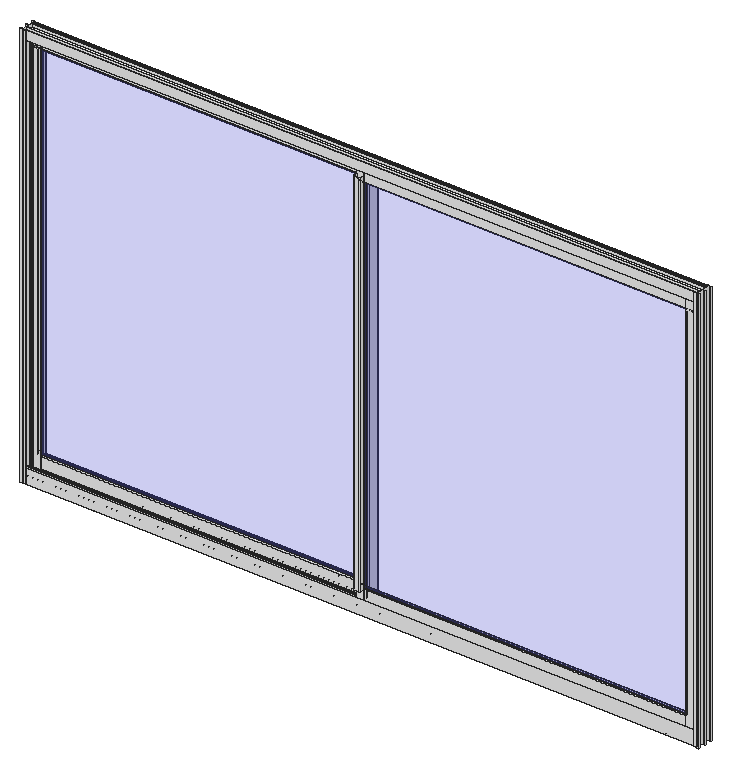
Revit family "Elite_XX_Standard", category Windows, host Wall, Revit 2014
Parameters (values of type "Elite-3018XX-1000Pa")
  Windload Design = if(Custom Windload < 1001 mm, 1000 mm, if(Custom Windload < 1501 mm, 1500 mm, 2000 mm))  # 1000 mm
  Width Sash Right [instance] = 1497.9 mm
  Width Sash Left [instance] = 1497.9 mm
  Wall Thickness [instance] = 200 mm
  Standard Interlocker = not(Inside Heavy Duty Interlocker)  # no
  Sash Width Right = (Width - (2 mm * 12) - Sash Width Left) + 29.8 mm  # 1497.9 mm
  Sash Width Left = if(Equal Sash Width, ((Width - (2 mm * 12)) / 2) + 14.9 mm, if(Custom Sash Width Left < Limit Sash Width Left Min, Limit Sash Width Left Min, if(Custom Sash Width Left > Limit Sash Width Left Max, Limit Sash Width Left Max, Custom Sash Width Left)))  # 1497.9 mm
  Sash Side Spacing = 0.5 mm  # constant formula
  Sash Height = Height - 29 mm - 54 mm  # 1707 mm
  Sash Frame Seal = 2.6 mm  # constant formula
  Rough Width = 2.5 mm
  Overall Width [instance] = 2990 mm
  Overall Height [instance] = 1790 mm
  Outside Heavy Duty Interlocker = if(Interlocker Configuration = 2 mm, 1 = 1, 1 = 0)  # yes
  Model = "Elite Sliding Window"
  Max Pane Area = if(Area Right Sash Glazing > Area Left Sash Glazing, Area Right Sash Glazing, Area Left Sash Glazing)  # 2.31898 m²
  Manufacturer = "Crealco"
  Limit Window Width Min = (2 * Limit Sash Width Min) + (2 mm * 12) - 29.8 mm  # 594.2 mm
  Limit Window Width Max = if(Windload Design = 1000 mm, (2 * Limit Sash Width Max) + (2 mm * 12) - 29.8 mm, if(Windload Design = 1500 mm, if(Custom Window Height > 1490 mm, 1490 mm, (2 * Limit Sash Width Max) + (2 mm * 12) - 29.8 mm), if(Custom Window Height > 1490 mm, 890 mm, (2 * Limit Sash Width Max) + (2 mm * 12) - 29.8 mm)))  # 2994.2 mm
  Limit Window Height Min = Limit Sash Height Min + (29 mm + 54 mm)  # 383 mm
  Limit Window Height Max = if(Windload Design = 1000 mm, Limit Sash Height Max + (29 mm + 54 mm), if(Windload Design = 1500 mm, if(and(Custom Window Width > 1490 mm, Custom Window Height > 1490 mm), 1490 mm, Limit Sash Height Max + (29 mm + 54 mm)), if(and(Custom Window Width > 890 mm, Custom Window Height > 1490 mm), 1490 mm, Limit Sash Height Max + (29 mm + 54 mm))))  # 1883 mm
  Limit Sash Width Min = 300 mm  # constant formula
  Limit Sash Width Max = 1500 mm  # constant formula
  Limit Sash Width Left Min = if(Width - (2 mm * 12) - Limit Sash Width Max + 29.8 mm < Limit Sash Width Min, Limit Sash Width Min, Width - (2 mm * 12) - Limit Sash Width Max + 29.8 mm)  # 1495.8 mm
  Limit Sash Width Left Max = if(Width - (2 mm * 12) - Limit Sash Width Min + 29.8 mm > Limit Sash Width Max, Limit Sash Width Max, Width - (2 mm * 12) - Limit Sash Width Min + 29.8 mm)  # 1500 mm
  Limit Sash Height Min = 300 mm  # constant formula
  Limit Sash Height Max = 1800 mm  # constant formula
  Interlocker Configuration = if(Windload Design = 1000 mm, if(or(not(Height > 890 mm), or(and(not(Height > 1190 mm), not(Width > 2690 mm)), and(not(Height > 1490 mm), not(Width > 890 mm)))), 0 mm, if(and(Height > 1490 mm, Width > 1190 mm), 2 mm, 1 mm)), if(Windload Design = 1500 mm, if(or(and(not(Width > 1190 mm), not(Height > 1190 mm)), not(Height > 890 mm)), 0 mm, if(or(and(Width > 1790 mm, Height > 1190 mm), and(Width > 890 mm, Height > 1490 mm)), 2 mm, 1 mm)), if(or(not(Height > 890 mm), and(not(Width > 890 mm), not(Height > 1190 mm))), 0 mm, if(or(Height > 1490 mm, and(Width > 1190 mm, Height > 1190 mm)), 2 mm, 1 mm))))  # 2 mm
  Height Sash [instance] = 1707 mm
  Height = if(Custom Window Height < Limit Window Height Min, Limit Window Height Min, if(Custom Window Height > Limit Window Height Max, Limit Window Height Max, Custom Window Height))  # 1790 mm
  Inside Heavy Duty Interlocker = if(or(Interlocker Configuration = 1 mm, Interlocker Configuration = 2 mm), 1 = 1, 1 = 0)  # yes
  Glazing Thickness = if(not(Max Pane Area > 0.75 m²), 4 mm, if(not(Max Pane Area > 1.50 m²), 4 mm, if(not(Max Pane Area > 2.10 m²), 5 mm, if(not(Max Pane Area > 2.90 m²), 6.4 mm, if(not(Max Pane Area > 4.30 m²), 8 mm, 10 mm)))))  # 6.4 mm
  Glass Type = Glass
  Frame Thickness = 70.3 mm  # constant formula
  Frame Offset From Exterior [instance] = if(Centered In Wall, (Wall Thickness - Frame Thickness) / 2, Custom Frame Offset From Exterior)  # 64.85 mm
  Equal Sash Width = yes
  Description = "Elite Sliding Window"
  Default Sill Height = 800 mm
  Wall Closure = By host
  Width = if(Custom Window Width < Limit Window Width Min, Limit Window Width Min, if(Custom Window Width > Limit Window Width Max, Limit Window Width Max, Custom Window Width))  # 2990 mm
  Custom Window Width = 2990 mm
  Custom Window Height = 1790 mm
  Custom Windload = 1000 mm
  Custom Sash Width Left = 600 mm
  Custom Frame Offset From Exterior = 0 mm
  Centered In Wall = yes
  Area Right Sash Glazing = (Sash Width Right - 21 mm - 41 mm) * (Sash Height - (46 mm * 2))  # 2.31898 m²
  Area Left Sash Glazing = (Sash Width Left - 21 mm - 41 mm) * (Sash Height - (46 mm * 2))  # 2.31898 m²
  Aluminium Finish [instance] = White Powder Coated Aluminium ANP 1052
Reference planes
  plane 1 "Center (Front/Back)": y = 0
  plane 2 "Center (Left/Right)": x = 0
  plane 3 "Left": x = -1495
  plane 4 "Right": x = 1495
  plane 5 "Sill": z = 800
  plane 6 "Head": z = 2590
  plane 7 "Exterior": y = 100
  plane 8 "Interior": y = -100
Lines and regions (mm)
  Opening 1
    outline origin (3500, -100, 0) x (1, 0, 0) y (0, 0, 1)
      loop
        line (-2005, 800) -> (-2005, 2590) -> (-4995, 2590) -> (-4995, 800) -> (-2005, 800)
Text (mm)
  text "EXTERIOR" at (-1963.203, 1332.353, 0), in view "Ref. Level"
  text "INTERIOR" at (-1981.466, -818.386, 0), in view "Ref. Level"
  text "Exterior" at (0, 923.751, 2943.296), in view "Right"
  text "Exterior" at (0, 1040.484, 2685.409), in view "Left"
Dimensions and locks
  equal spacing: plane 3 "Left", plane 2 "Center (Left/Right)", plane 4 "Right"
  "Width": plane 3 "Left" to plane 4 "Right"
  "Height": plane 5 "Sill" to plane 6 "Head"
  "Default Sill Height": plane 5 "Sill" to level
  locked: plane 7 "Exterior" to host wall at 0
  locked: plane 8 "Interior" to host wall
  "Overall Height": plane 6 "Head" to plane 5 "Sill"
  "Overall Width": plane 3 "Left" to plane 4 "Right"
  locked: host wall to nested 1 at 35.15
  "Sash Frame Seal": nested 1 to nested 2
  "Sash Frame Seal": nested 1 to nested 3
  "Sash Side Spacing": nested 1 to nested 3
  "Sash Side Spacing": nested 2 to nested 1
  "Width Sash Left": nested 2 to nested 2
  "Height Sash": nested 2 to nested 2
  "Width Sash Right": nested 3 to nested 3
  aligned and locked: nested 1 to plane 6 "Head"
  aligned and locked: nested 1 to plane 3 "Left"
  aligned and locked: nested 3 to nested 1
  aligned and locked: nested 2 to nested 1
Automatic sketch dimensions
  plane 3 "Left" to Opening 1 sketch curve = 0 mm
  plane 4 "Right" to Opening 1 sketch curve = 0 mm
  Opening 1 sketch curve to plane 5 "Sill" = 0 mm
  Opening 1 sketch curve to plane 6 "Head" = 0 mm
Nested families
  nested 1: "Elite_Frame_OX_XX" at (1495, -35.15, 800), Profile Material <- "Aluminium Finish", Width <- "Width", Height <- "Height", type "Elite_Frame_OX_XX"
    with Width 2990 mm, Profile Material White Powder Coated Aluminium ANP 1052, Length Jamb 1790 mm, Length Head & Sill 2967 mm, Height 1790 mm
  nested 2: "Elit_Sash_Inner" at (1483, -30.5, 854), Profile Material <- "Aluminium Finish", Glazing Material <- "Glass Type", Sash Width <- "Sash Width Left", Sash Height <- "Sash Height", Glazing Thickness <- "Glazing Thickness", Is Heavy Duty Interlocker <- "Inside Heavy Duty Interlocker", type "Elit_Sash_Inner"
    with Sash Width 1497.9 mm, Sash Height 1707 mm, Right Sliding yes, Profile Material White Powder Coated Aluminium ANP 1052, Length Sash Head & Sill 1481.9 mm, Length Arrow Tip 141.141 mm, Length Arrow 465.767 mm, Left Sliding no, Is Standard Interlocker no, Is Sliding yes, Is Heavy Duty Interlocker yes, Glazing Width 1435.9 mm, Glazing Thickness 6.4 mm, Glazing Start -3.2 mm, Glazing Material Glass, Glazing Height 1615 mm, Glazing Frame Side Gap 1.8 mm, Glazing End 3.2 mm, Arrow Tip Length 141.141 mm, Arrow Left Gap 485.067 mm, Arrow Bottom Gap 807.5 mm
  nested 3: "Elite_Sash_Outer" at (-1483, 30.2, 854) x (-1, 0, 0) z (0, 0, 1), Profile Material <- "Aluminium Finish", Glazing Material <- "Glass Type", Glazing Thickness <- "Glazing Thickness", Sash Width <- "Sash Width Right", Sash Height <- "Sash Height", Is Heavy Duty Interlocker <- "Outside Heavy Duty Interlocker", type "Elite_Sash_Outer"
    with Sash Width 1497.9 mm, Sash Height 1707 mm, Right Sliding yes, Profile Material White Powder Coated Aluminium ANP 1052, Length Sash Head & Sill 1481.9 mm, Length Arrow Tip 141.141 mm, Length Arrow 465.767 mm, Left Sliding no, Is Standard Interlocker no, Is Sliding yes, Is Heavy Duty Interlocker yes, Glazing Width 1435.9 mm, Glazing Thickness 6.4 mm, Glazing Start -3.2 mm, Glazing Material Glass, Glazing Height 1615 mm, Glazing Frame Side Gap 1.8 mm, Glazing End 3.2 mm, Arrow Tip Length 141.141 mm, Arrow Left Gap 485.067 mm, Arrow Bottom Gap 807.5 mm
Definition of nested family "Elite_Frame_OX_XX"
  Parameters (values of type "Elite_Frame_OX_XX")
    Width [instance] = 900 mm
    Profile Material [instance] = none
    Length Jamb [instance] = Height  # 900 mm
    Length Head & Sill [instance] = Width - 2 * 11.5 mm  # 877 mm
    Height [instance] = 900 mm
  Reference planes
    plane 1 "Center (Front/Back)": y = 0
    plane 2: z = 0
    plane 3 "Center (Left/Right)": x = 0
  Dimensions and locks
    aligned and locked: level to plane 2
    aligned and locked: nested 2 to plane 2
    aligned and locked: plane 3 "Center (Left/Right)" to nested 2
    aligned and locked: plane 1 "Center (Front/Back)" to nested 2
    aligned and locked: nested 1 to nested 2  (x2)
    aligned and locked: nested 2 to nested 3
    aligned and locked: nested 2 to nested 1
    aligned and locked: nested 4 to plane 1 "Center (Front/Back)"
    aligned and locked: nested 4 to nested 1
    aligned and locked: plane 2 to nested 4
    aligned and locked: nested 3 to nested 2
    aligned and locked: nested 3 to nested 4
  Nested families
    nested 1: "Elite_Frame_Sill" at (-11.5, 68.5, 0) x (-1, 0, 0) z (0, 0, 1), Profile Material <- "Profile Material", Length Frame Sill <- "Length Head & Sill", type "Elite_Frame_Sill"
      with Profile Material none, Length Frame Sill 877 mm
    nested 2: "Elite_Frame_Jamb_Mirror" at (-24.5, 70.3, 0) x (0, -1, 0) z (0, 0, 1), Profile Material <- "Profile Material", Length Frame Jamb <- "Length Jamb", type "Elite_Frame_Jamb_Mirror"
      with Profile Material none, Length Frame Jamb 900 mm
    nested 3: "Elite_Frame_Head" at (-888.5, 1.5, 759.46), Profile Material <- "Profile Material", Length Frame Head <- "Length Head & Sill", type "Elite_Frame_Head"
      with Profile Material none, Length Frame Head 877 mm
    nested 4: "Elite_Frame_Jamb" at (-875.5, 70.3, 0) x (0, -1, 0) z (0, 0, 1), Profile Material <- "Profile Material", Length Frame Jamb <- "Length Jamb", type "Elite_Frame_Jamb"
      with Profile Material none, Length Frame Jamb 900 mm
  Definition of nested family "Elite_Frame_Sill"
    Parameters (values of type "Elite_Frame_Sill")
      Profile Material [instance] = none
      Length Frame Sill [instance] = 250 mm
    Reference planes
      plane 1 "Center (Front/Back)": y = 0
      plane 2: z = 0
      plane 3 "Center (Left/Right)": x = 0
    Forms (mm)
      Extrusion 1, solid, material <- "Profile Material"
        sketch origin (0, 0, 0) x (0, 1, 0) y (0, 0, 1)
          loop
            line (20.5, 61.807) -> (15.922, 62.99) -> (11.5, 61.805) -> (11.5, 54) -> (12.9, 54) -> (12.9, 60.734) -> (16.078, 61.54) -> (19.1, 60.731) -> (19.1, 37) -> (12.88, 36.997) -> (0, 35.262) -> (0, 11.5) -> (1.4, 11.5) -> (1.4, 15) -> (12, 15) -> (12, 0) -> (17, 0) -> (17, 1) -> (13.4, 1) -> (13.4, 5) -> (17, 5) -> (17, 6) -> (13.4, 6) -> (13.4, 18.532) -> (65.6, 20.009) -> (65.6, 6) -> (62, 6) -> (62, 5) -> (65.6, 5) -> (65.6, 1) -> (62, 1) -> (62, 0) -> (67, 0) -> (67, 63) -> (65.6, 63) -> (65.6, 37) -> (55.5, 37) -> (55.5, 61.807) -> (50.922, 62.99) -> (46.5, 61.805) -> (46.5, 54) -> (47.9, 54) -> (47.9, 60.734) -> (51.078, 61.54) -> (54.1, 60.731) -> (54.1, 37) -> (20.5, 37) -> (20.5, 61.807)
          loop
            line (65.6, 35.6) -> (12.994, 35.6) -> (1.4, 34.038) -> (1.4, 16.4) -> (12, 16.4) -> (12, 19.893) -> (65.6, 21.409) -> (65.6, 35.6)
        from 0 to 250 <- "Length Frame Sill"
    Dimensions and locks
      aligned and locked: level to plane 2
  Definition of nested family "Elite_Frame_Jamb_Mirror"
    Parameters (values of type "Elite_Frame_Jamb_Mirror")
      Void Spacing Top = 13 mm  # constant formula
      Void Spacing Bottom = 38 mm  # constant formula
      Void Cut Length = 13 mm  # constant formula
      Profile Material [instance] = none
      Length Frame Jamb [instance] = 250 mm
    Reference planes
      plane 1 "Center (Front/Back)": y = 0
      plane 2: z = 0
      plane 3 "Center (Left/Right)": x = 0
    Forms (mm)
      Extrusion 1, solid, material <- "Profile Material"
        sketch origin (-5.594, -3.252, 0) x (1, 0, 0) y (0, 1, 0)
          loop
            line (74.394, 26.252) -> (74.394, 17.752) -> (41.394, 17.752) -> (41.394, 27.752) -> (40.094, 27.752) -> (40.094, 17.752) -> (7.094, 17.752) -> (7.094, 26.252) -> (12.594, 26.252) -> (12.594, 27.752) -> (5.594, 27.752) -> (5.594, 3.252) -> (7.094, 3.252) -> (7.094, 16.252) -> (49.743, 16.252) -> (49.743, 10.75) -> (52.03, 3.252) -> (53.599, 3.252) -> (50.994, 11.791) -> (50.994, 16.252) -> (65.494, 16.252) -> (65.494, 11.791) -> (62.888, 3.252) -> (64.457, 3.252) -> (66.744, 10.793) -> (66.744, 16.252) -> (74.394, 16.252) -> (74.394, 3.252) -> (75.894, 3.252) -> (75.894, 27.752) -> (68.894, 27.752) -> (68.894, 26.252) -> (74.394, 26.252)
        from 0 to 250 <- "Length Frame Jamb"
      Extrusion 2, void
        sketch origin (70.3, 0, 0) x (1, 0, 0) y (0, 0, -1)
          loop
            line (-26.151, -237) -> (-26.151, -250) -> (-9.15, -250) -> (-9.15, -237) -> (-26.151, -237)
          loop
            line (-26.151, -38) -> (-9.15, -38) -> (-9.15, 0) -> (-26.151, 0) -> (-26.151, -38)
        from 0 to 13 <- "Void Cut Length"
    Cuts and joins
      Extrusion 2 cuts Extrusion 1
    Dimensions and locks
      "Void Spacing Top": Extrusion 2 sketch curve to Extrusion 2 sketch curve
      "Void Spacing Bottom": Extrusion 2 sketch curve to Extrusion 2 sketch curve
      aligned and locked: level to plane 2
      aligned and locked: Extrusion 1 to Extrusion 2 sketch curve  (x2)
      aligned and locked: Extrusion 2 sketch curve to Extrusion 1
      aligned and locked: Extrusion 2 sketch curve to cut or joined group of Extrusion 1, Extrusion 2  (x3)
    Automatic sketch dimensions
      Extrusion 1 sketch curve to plane 3 "Center (Left/Right)" = 0 mm
      plane 1 "Center (Front/Back)" to Extrusion 1 sketch curve = 0 mm  (x4)
      plane 3 "Center (Left/Right)" to Extrusion 1 sketch curve = 1.5 mm  (x2)
      Extrusion 1 sketch curve to Extrusion 1 sketch curve = 5.5 mm  (x2)
      Extrusion 1 sketch curve to Extrusion 1 sketch curve = 27.5 mm
      Extrusion 1 sketch curve to Extrusion 1 sketch curve = 1.3 mm
      Extrusion 1 sketch curve to Extrusion 1 sketch curve = 8.349 mm
      Extrusion 1 sketch curve to Extrusion 1 sketch curve = 1.251 mm
      Extrusion 1 sketch curve to Extrusion 1 sketch curve = 2.288 mm
      Extrusion 1 sketch curve to Extrusion 1 sketch curve = 1.568 mm
      Extrusion 1 sketch curve to Extrusion 1 sketch curve = 9.29 mm
      Extrusion 1 sketch curve to Extrusion 1 sketch curve = 1.569 mm
      Extrusion 1 sketch curve to Extrusion 1 sketch curve = 1.037 mm
      Extrusion 1 sketch curve to Extrusion 1 sketch curve = 1.25 mm
      Extrusion 1 sketch curve to Extrusion 1 sketch curve = 2.15 mm
      Extrusion 1 sketch curve to Extrusion 1 sketch curve = 0 mm  (x3)
      Extrusion 1 sketch curve to Extrusion 1 sketch curve = 1.5 mm  (x5)
      Extrusion 1 sketch curve to plane 1 "Center (Front/Back)" = 7.498 mm
      Extrusion 1 sketch curve to plane 1 "Center (Front/Back)" = 7.54 mm
      Extrusion 1 sketch curve to Extrusion 1 sketch curve = 0.998 mm
      Extrusion 1 sketch curve to Extrusion 1 sketch curve = 1.041 mm
      Extrusion 1 sketch curve to Extrusion 1 sketch curve = 4.461 mm
      Extrusion 1 sketch curve to Extrusion 1 sketch curve = 8.5 mm  (x2)
      Extrusion 1 sketch curve to Extrusion 1 sketch curve = 10 mm
  Definition of nested family "Elite_Frame_Head"
    Parameters (values of type "Elite_Frame_Head")
      Profile Material [instance] = none
      Length Frame Head [instance] = 250 mm
    Reference planes
      plane 1 "Center (Front/Back)": y = 0
      plane 2: z = 0
      plane 3 "Center (Left/Right)": x = 0
    Forms (mm)
      Extrusion 1, solid, material <- "Profile Material"
        sketch origin (0, 0, 0) x (0, 1, 0) y (0, 0, 1)
          loop
            line (11.5, 102.54) -> (20.5, 102.54) -> (20.5, 111.54) -> (19.1, 111.54) -> (19.1, 103.94) -> (12.9, 103.94) -> (12.9, 128.64) -> (54.1, 128.64) -> (54.1, 103.94) -> (47.9, 103.94) -> (47.9, 111.54) -> (46.5, 111.54) -> (46.5, 102.54) -> (55.5, 102.54) -> (55.5, 128.64) -> (65.5, 128.64) -> (65.5, 102.54) -> (67, 102.54) -> (67, 140.54) -> (61.65, 140.54) -> (61.65, 139.14) -> (65.5, 139.14) -> (65.5, 130.04) -> (49.298, 130.04) -> (49.298, 140.54) -> (47.9, 140.54) -> (47.9, 130.04) -> (19.1, 130.04) -> (19.1, 140.54) -> (17.7, 140.54) -> (17.7, 130.04) -> (1.5, 130.04) -> (1.5, 139.14) -> (5.35, 139.14) -> (5.35, 140.54) -> (0, 140.54) -> (0, 102.54) -> (1.5, 102.54) -> (1.5, 128.64) -> (11.5, 128.64) -> (11.5, 102.54)
        from 0 to 250 <- "Length Frame Head"
    Dimensions and locks
      aligned and locked: level to plane 2
  Definition of nested family "Elite_Frame_Jamb"
    Parameters (values of type "Elite_Frame_Jamb")
      Void Spacing Top = 13 mm  # constant formula
      Void Spacing Bottom = 38 mm  # constant formula
      Void Cut Length = 13 mm  # constant formula
      Profile Material [instance] = none
      Length Frame Jamb [instance] = 250 mm
    Reference planes
      plane 1 "Center (Front/Back)": y = 0
      plane 2: z = 0
      plane 3 "Center (Left/Right)": x = 0
    Forms (mm)
      Extrusion 1, solid, material <- "Profile Material"
        sketch origin (-5.594, -3.252, 0) x (1, 0, 0) y (0, 1, 0)
          loop
            line (7.094, 26.252) -> (12.594, 26.252) -> (12.594, 27.752) -> (5.594, 27.752) -> (5.594, 3.252) -> (7.094, 3.252) -> (7.094, 16.252) -> (14.744, 16.252) -> (14.744, 10.793) -> (17.03, 3.252) -> (18.599, 3.252) -> (15.994, 11.791) -> (15.994, 16.252) -> (30.494, 16.252) -> (30.494, 11.791) -> (27.888, 3.252) -> (29.457, 3.252) -> (31.744, 10.75) -> (31.744, 16.252) -> (74.394, 16.252) -> (74.394, 3.252) -> (75.894, 3.252) -> (75.894, 27.752) -> (68.894, 27.752) -> (68.894, 26.252) -> (74.394, 26.252) -> (74.394, 17.752) -> (41.394, 17.752) -> (41.394, 27.752) -> (40.094, 27.752) -> (40.094, 17.752) -> (7.094, 17.752) -> (7.094, 26.252)
        from 0 to 250 <- "Length Frame Jamb"
      Extrusion 2, void
        sketch origin (68.8, 0, 0) x (-1, 0, 0) y (0, 0, 1)
          loop
            line (59.65, 250) -> (42.649, 250) -> (42.649, 237) -> (59.65, 237) -> (59.65, 250)
          loop
            line (42.649, 0) -> (59.65, 0) -> (59.65, 38) -> (42.649, 38) -> (42.649, 0)
        from 0 to 13 <- "Void Cut Length"
    Cuts and joins
      Extrusion 2 cuts Extrusion 1
    Dimensions and locks
      "Void Spacing Bottom": Extrusion 2 sketch curve to Extrusion 2 sketch curve
      "Void Spacing Top": Extrusion 2 sketch curve to Extrusion 2 sketch curve
      aligned and locked: level to plane 2
      aligned and locked: Extrusion 2 sketch curve to Extrusion 1  (x6)
    Automatic sketch dimensions
      plane 1 "Center (Front/Back)" to Extrusion 1 sketch curve = 0 mm  (x4)
      Extrusion 1 sketch curve to plane 3 "Center (Left/Right)" = 0 mm
      plane 3 "Center (Left/Right)" to Extrusion 1 sketch curve = 1.5 mm  (x2)
      Extrusion 1 sketch curve to Extrusion 1 sketch curve = 5.5 mm  (x2)
      Extrusion 1 sketch curve to Extrusion 1 sketch curve = 7.65 mm
      Extrusion 1 sketch curve to Extrusion 1 sketch curve = 1.25 mm
      Extrusion 1 sketch curve to Extrusion 1 sketch curve = 2.287 mm
      Extrusion 1 sketch curve to Extrusion 1 sketch curve = 1.569 mm
      Extrusion 1 sketch curve to Extrusion 1 sketch curve = 9.29 mm
      Extrusion 1 sketch curve to Extrusion 1 sketch curve = 1.568 mm
      Extrusion 1 sketch curve to Extrusion 1 sketch curve = 1.037 mm
      Extrusion 1 sketch curve to plane 1 "Center (Front/Back)" = 7.498 mm
      Extrusion 1 sketch curve to Extrusion 1 sketch curve = 1.251 mm
      Extrusion 1 sketch curve to Extrusion 1 sketch curve = 8.349 mm
      Extrusion 1 sketch curve to Extrusion 1 sketch curve = 1.3 mm
      Extrusion 1 sketch curve to Extrusion 1 sketch curve = 27.5 mm
      Extrusion 1 sketch curve to Extrusion 1 sketch curve = 0 mm  (x3)
      Extrusion 1 sketch curve to Extrusion 1 sketch curve = 1.5 mm  (x5)
      Extrusion 1 sketch curve to plane 1 "Center (Front/Back)" = 7.54 mm
      Extrusion 1 sketch curve to Extrusion 1 sketch curve = 0.998 mm
      Extrusion 1 sketch curve to Extrusion 1 sketch curve = 1.041 mm
      Extrusion 1 sketch curve to Extrusion 1 sketch curve = 4.461 mm
      Extrusion 1 sketch curve to Extrusion 1 sketch curve = 8.5 mm  (x2)
      Extrusion 1 sketch curve to Extrusion 1 sketch curve = 10 mm
Definition of nested family "Elit_Sash_Inner"
  Parameters (values of type "Elit_Sash_Inner")
    Top&Bottom Side Spacing = 14.5 mm  # constant formula
    Sash Width [instance] = 1500 mm
    Sash Height [instance] = 1200 mm
    Right Sliding [instance] = yes
    Profile Material [instance] = White Powder Coated Aluminium ANP 1052
    Overlap Gap = 1.4 mm  # constant formula
    Middle of Glazing = 13 mm  # constant formula
    Length Sash Head & Sill [instance] = Sash Width - 14.5 mm - 1.5 mm  # 1484 mm
    Length Arrow Tip [instance] = Length Arrow / 3.3  # 141.354 mm
    Length Arrow [instance] = (Sash Width - (2 * 50.3 mm)) / 3  # 466.467 mm
    Left Sliding [instance] = yes
    Is Standard Interlocker [instance] = not(Is Heavy Duty Interlocker)  # no
    Is Sliding [instance] = if(or(Right Sliding, Left Sliding), 1 = 1, 1 = 2)  # yes
    Is Heavy Duty Interlocker [instance] = yes
    Glazing Width [instance] = Sash Width - 21 mm - 41 mm  # 1438 mm
    Glazing Thickness [instance] = 6.4 mm
    Glazing Start [instance] = -Glazing Thickness / 2  # -3.2 mm
    Glazing Side Spacing = 41 mm  # constant formula
    Glazing Profile Gap = 459.05 mm
    Glazing Material [instance] = Glass
    Glazing Height [instance] = Sash Height - (46 mm * 2)  # 1108 mm
    Glazing Frame Side Gap [instance] = (10 mm - Glazing Thickness) / 2  # 1.8 mm
    Glazing Frame Gap = 5 mm  # constant formula
    Glazing End [instance] = Glazing Thickness / 2  # 3.2 mm
    Glazing Edge Interlocker Gap = 17 mm  # constant formula
    Glazing Edge Bottom and Top Gap = 46 mm  # constant formula
    Arrow Tip Length [instance] = if((Sash Height - (2 * 50.3 mm)) / 8 > Length Arrow / 3.3, Length Arrow / 3.3, (Sash Height - (2 * 50.3 mm)) / 8)  # 137.425 mm
    Arrow Tip Angle = 45.00°
    Arrow Left Gap [instance] = (Sash Width - 21 mm - 41 mm - Length Arrow) / 2  # 485.767 mm
    Arrow Bottom Gap [instance] = Sash Height / 2 - 46 mm  # 554 mm
    1.5 Spacing = 1.5 mm  # constant formula
  Reference planes
    plane 1 "Center (Front/Back)": y = 0
    plane 2: z = 0
    plane 3 "Center (Left/Right)": x = 0
    plane 4: y = -13
  Forms (mm)
    Extrusion 1, solid, material "Glass" <- "Glazing Material"
      sketch origin (-1492.688, -13, 1709.9) x (-1, 0, 0) y (0, 0, 1)
        loop
          line (-13.688, -555.9) -> (-1451.688, -555.9) -> (-1451.688, -1663.9) -> (-13.688, -1663.9) -> (-13.688, -555.9)
      from -3.2 <- "Glazing Start" to 3.2 <- "Glazing End"
  Lines and regions (mm)
    model lines, visible <- "Is Sliding"
      curve 1: line (-993.233, -16.2, 600) -> (-526.767, -16.2, 600)
    model lines, visible <- "Left Sliding"
      curve 2: line (-526.767, -16.2, 600) -> (-623.941, -16.2, 697.174)
      curve 3: line (-526.767, -16.2, 600) -> (-623.941, -16.2, 502.826)
    model lines, visible <- "Right Sliding"
      curve 4: line (-993.233, -16.2, 600) -> (-893.281, -16.2, 699.952)
      curve 5: line (-993.233, -16.2, 600) -> (-893.281, -16.2, 500.048)
  Dimensions and locks
    "Length Arrow": curve 1 to curve 1
    "Arrow Left Gap": Extrusion 1 to curve 1
    "Arrow Bottom Gap": Extrusion 1 to curve 1
    "Arrow Tip Length": curve 3 to curve 2
    "Arrow Tip Length": curve 3 to curve 3
    "Length Arrow Tip": curve 5 to curve 5
    "Length Arrow Tip": curve 5 to curve 4
    "Middle of Glazing": plane 4 to plane 1 "Center (Front/Back)"
    "Glazing Width": Extrusion 1 to Extrusion 1
    "Glazing Height": Extrusion 1 to Extrusion 1
    "Sash Width": nested 2 to plane 3 "Center (Left/Right)"
    "Glazing Side Spacing": Extrusion 1 to plane 3 "Center (Left/Right)"
    "1.5 Spacing": nested 3 to plane 1 "Center (Front/Back)"
    "Top&Bottom Side Spacing": nested 3 to plane 3 "Center (Left/Right)"
    "Top&Bottom Side Spacing": nested 4 to plane 3 "Center (Left/Right)"
    "1.5 Spacing": nested 4 to plane 1 "Center (Front/Back)"
    "Sash Height": nested 3 to plane 2
    "Glazing Edge Bottom and Top Gap": plane 2 to Extrusion 1
    "Sash Width": nested 5 to plane 3 "Center (Left/Right)"
    "Arrow Tip Angle": angle curve 3 to curve 1
    "Arrow Tip Angle": angle curve 1 to curve 2
    "Arrow Tip Angle": angle curve 4 to curve 1
    "Arrow Tip Angle": angle curve 1 to curve 5
    aligned and locked: level to plane 2
    aligned and locked: plane 3 "Center (Left/Right)" to nested 1
    aligned and locked: nested 1 to plane 2
    aligned and locked: nested 4 to plane 2
    aligned and locked: nested 2 to plane 2
    aligned and locked: nested 2 to plane 1 "Center (Front/Back)"
    aligned and locked: nested 5 to plane 1 "Center (Front/Back)"
    aligned and locked: nested 5 to plane 2
  Automatic sketch dimensions
    Extrusion 1 sketch curve to Extrusion 1 sketch curve = 1108 mm
    level to Extrusion 1 sketch curve = 46 mm
    Extrusion 1 sketch curve to plane 3 "Center (Left/Right)" = 41 mm
    Extrusion 1 sketch curve to Extrusion 1 sketch curve = 1438 mm
  Nested families
    nested 1: "Elite_Lock_Stile" at (0, -26, 0) x (0, 1, 0) z (0, 0, 1), Profile Material <- "Profile Material", Length Lock Stile <- "Sash Height", type "Elite_Lock_Stile"
      with Profile Material White Powder Coated Aluminium ANP 1052, Length Lock Stile 1200 mm
    nested 2: "Elite_Interlocker" at (-1506.667, 6.916, 0) x (0, -1, 0) z (0, 0, 1), Profile Material <- "Profile Material", Length Interlocker <- "Sash Height", visible <- "Is Standard Interlocker", type "Elite_Interlocker"
      with Profile Material White Powder Coated Aluminium ANP 1052, Length Interlocker 1200 mm
    nested 3: "Elite_Sash_Top" at (-1498.5, -24.2, 1052), Profile Material <- "Profile Material", Length Sash Top <- "Length Sash Head & Sill", type "Elite_Sash_Top"
      with Profile Material White Powder Coated Aluminium ANP 1052, Length Sash Top 1484 mm
    nested 4: "Elite_Sash_Bottom" at (-1498.5, -24.2, 0), Profile Material <- "Profile Material", Length Sash Bottom <- "Length Sash Head & Sill", type "Elite_Sash_Bottom"
      with Profile Material White Powder Coated Aluminium ANP 1052, Length Sash Bottom 1484 mm
    nested 5: "Elite_Heavy_Duty_Interlocker_Inside" at (-1500, 20, 0) x (0, -1, 0) z (0, 0, 1), Length Heavy Duty Interlocker <- "Sash Height", Profile Material <- "Profile Material", visible <- "Is Heavy Duty Interlocker", type "Elite_Heavy_Duty_Interlocker_Inside"
      with Profile Material White Powder Coated Aluminium ANP 1052, Length Heavy Duty Interlocker 1200 mm
  Definition of nested family "Elite_Lock_Stile"
    Parameters (values of type "Elite_Lock_Stile")
      Width Rail Cut = 13 mm  # constant formula
      Side Gap Rail Cut = 5 mm  # constant formula
      Profile Material [instance] = none
      Length Lock Stile [instance] = 250 mm
      Height Rail Cut = 26 mm  # constant formula
      Height Large Cut = 55 mm  # constant formula
    Reference planes
      plane 1 "Center (Front/Back)": y = 0
      plane 2: z = 0
      plane 3 "Center (Left/Right)": x = 0
    Forms (mm)
      Extrusion 1, solid, material <- "Profile Material"
        sketch origin (0, 0, 0) x (1, 0, 0) y (0, 1, 0)
          loop
            line (0, 0) -> (3.5, 0) -> (3.5, 2.4) -> (2.5, 2.4) -> (2.5, 1.2) -> (1.2, 1.2) -> (1.2, 8.8) -> (2.5, 8.8) -> (2.5, 7.6) -> (3.5, 7.6) -> (3.5, 10) -> (1.5, 10) -> (1.5, 13) -> (24.5, 13) -> (24.5, 10) -> (22.5, 10) -> (22.5, 7.6) -> (23.5, 7.6) -> (23.5, 8.8) -> (24.8, 8.8) -> (24.8, 1.2) -> (23.5, 1.2) -> (23.5, 2.4) -> (22.5, 2.4) -> (22.5, 0) -> (26, 0) -> (26, 49.8) -> (24.5, 49.8) -> (24.5, 49) -> (18, 49) -> (18, 43) -> (19.5, 43) -> (19.5, 47.5) -> (24.5, 47.5) -> (24.5, 36) -> (1.5, 36) -> (1.5, 47.5) -> (6.5, 47.5) -> (6.5, 43) -> (8, 43) -> (8, 49) -> (1.5, 49) -> (1.5, 49.8) -> (0, 49.8) -> (0, 0)
          loop
            line (1.5, 14.5) -> (24.5, 14.5) -> (24.5, 34.5) -> (13, 34.5) -> (1.5, 34.5) -> (1.5, 14.5)
        from 0 to 250 <- "Length Lock Stile"
      Extrusion 2, void
        sketch origin (24.4, 49, 0) x (1, 0, 0) y (0, 0, 1)
          loop
            line (0.1, 250) -> (-22.9, 250) -> (-22.9, 195) -> (0.1, 195) -> (0.1, 250)
          loop
            line (-22.9, 0) -> (0.1, 0) -> (0.1, 55) -> (-22.9, 55) -> (-22.9, 0)
        from 0 to 25
      Extrusion 3, void
        sketch origin (13, 14.5, 0) x (1, 0, 0) y (0, 0, 1)
          loop
            line (6.5, 250) -> (-6.5, 250) -> (-6.5, 224) -> (6.5, 224) -> (6.5, 250)
          loop
            line (6.5, 0) -> (6.5, 26) -> (-6.5, 26) -> (-6.5, 0) -> (6.5, 0)
        from 0 to 250
    Cuts and joins
      Extrusion 2, Extrusion 3 cuts Extrusion 1
    Dimensions and locks
      "Height Large Cut": Extrusion 2 sketch curve to Extrusion 2 sketch curve  (x2)
      "Height Rail Cut": Extrusion 3 sketch curve to Extrusion 3 sketch curve  (x2)
      "Width Rail Cut": Extrusion 3 sketch curve to Extrusion 3 sketch curve  (x2)
      "Side Gap Rail Cut": Extrusion 3 sketch curve to cut or joined group of Extrusion 1, Extrusion 2, Extrusion 3  (x2)
      aligned and locked: level to plane 2
      aligned and locked: Extrusion 1 to Extrusion 2 sketch curve  (x2)
      aligned and locked: Extrusion 2 sketch curve to Extrusion 1  (x4)
      aligned and locked: Extrusion 3 sketch curve to cut or joined group of Extrusion 1, Extrusion 2, Extrusion 3
      aligned and locked: cut or joined group of Extrusion 1, Extrusion 2, Extrusion 3 to Extrusion 3 sketch curve
    Automatic sketch dimensions
      Extrusion 1 sketch curve to plane 3 "Center (Left/Right)" = 0 mm
      plane 1 "Center (Front/Back)" to Extrusion 1 sketch curve = 0 mm  (x2)
      plane 3 "Center (Left/Right)" to Extrusion 1 sketch curve = 1.2 mm
      plane 3 "Center (Left/Right)" to Extrusion 1 sketch curve = 1.5 mm  (x2)
      Extrusion 1 sketch curve to Extrusion 1 sketch curve = 0 mm  (x4)
      Extrusion 1 sketch curve to Extrusion 1 sketch curve = 0.3 mm  (x2)
      Extrusion 1 sketch curve to Extrusion 1 sketch curve = 1.3 mm  (x2)
      Extrusion 1 sketch curve to Extrusion 1 sketch curve = 1 mm  (x4)
      Extrusion 1 sketch curve to Extrusion 1 sketch curve = 5 mm  (x4)
      Extrusion 1 sketch curve to Extrusion 1 sketch curve = 1.5 mm  (x6)
      Extrusion 1 sketch curve to plane 1 "Center (Front/Back)" = 2.4 mm
      Extrusion 1 sketch curve to Extrusion 1 sketch curve = 19 mm
      Extrusion 1 sketch curve to Extrusion 1 sketch curve = 2 mm
      Extrusion 1 sketch curve to Extrusion 1 sketch curve = 1.2 mm  (x6)
      Extrusion 1 sketch curve to plane 1 "Center (Front/Back)" = 1.2 mm  (x2)
      Extrusion 1 sketch curve to Extrusion 1 sketch curve = 5.2 mm  (x2)
      Extrusion 1 sketch curve to Extrusion 1 sketch curve = 3 mm
      Extrusion 1 sketch curve to Extrusion 1 sketch curve = 20 mm
      Extrusion 1 sketch curve to Extrusion 1 sketch curve = 7 mm  (x2)
      Extrusion 1 sketch curve to Extrusion 1 sketch curve = 4.5 mm  (x2)
      Extrusion 1 sketch curve to Extrusion 1 sketch curve = 0.8 mm  (x2)
  Definition of nested family "Elite_Interlocker"
    Parameters (values of type "Elite_Interlocker")
      Rail Cut Width = 13 mm  # constant formula
      Rail Cut Side Spacing = 5 mm  # constant formula
      Rail Cut Height = 26 mm  # constant formula
      Profile Material [instance] = none
      Length Interlocker [instance] = 250 mm
      Large Cut Height = 55 mm  # constant formula
    Reference planes
      plane 1 "Center (Front/Back)": y = 0
      plane 2: z = 0
      plane 3 "Center (Left/Right)": x = 0
    Forms (mm)
      Extrusion 1, solid, material <- "Profile Material"
        sketch origin (0, 0, 0) x (1, 0, 0) y (0, 1, 0)
          loop
            line (6.916, 36.467) -> (6.916, 6.667) -> (39.416, 6.667) -> (39.416, 9.551) -> (38.416, 9.551) -> (38.416, 8.167) -> (37.116, 8.167) -> (37.116, 9.551) -> (36.116, 9.551) -> (36.116, 8.167) -> (32.916, 8.167) -> (32.916, 15.167) -> (36.116, 15.167) -> (36.116, 13.78) -> (37.116, 13.78) -> (37.116, 15.167) -> (38.416, 15.167) -> (38.416, 13.78) -> (39.416, 13.78) -> (39.416, 25.167)
            arc (39.416, 25.167) -> (38.973, 25.663) -> (38.429, 25.28) r 0.5
            line (38.429, 25.28) -> (36.426, 16.667) -> (32.916, 16.667) -> (32.916, 36.467) -> (31.416, 36.467) -> (31.416, 35.667) -> (24.916, 35.667) -> (24.916, 29.667) -> (26.416, 29.667) -> (26.416, 34.167) -> (31.416, 34.167) -> (31.416, 22.667) -> (19.916, 22.667) -> (8.416, 22.667) -> (8.416, 34.167) -> (13.416, 34.167) -> (13.416, 29.667) -> (14.916, 29.667) -> (14.916, 35.667) -> (8.416, 35.667) -> (8.416, 36.467) -> (6.916, 36.467)
          loop
            line (8.416, 21.167) -> (8.416, 8.167) -> (31.416, 8.167) -> (31.416, 21.167) -> (19.916, 21.167) -> (8.416, 21.167)
        from 0 to 250 <- "Length Interlocker"
      Extrusion 2, void
        sketch origin (14.616, 35.667, 0) x (1, 0, 0) y (0, 0, 1)
          loop
            line (11.8, 250) -> (-1.2, 250) -> (-1.2, 224) -> (11.8, 224) -> (11.8, 250)
          loop
            line (-1.2, 0) -> (11.8, 0) -> (11.8, 26) -> (-1.2, 26) -> (-1.2, 0)
        from 0 to 250
      Extrusion 3, void
        sketch origin (31.316, 35.667, 0) x (1, 0, 0) y (0, 0, 1)
          loop
            line (0.1, 250) -> (-22.9, 250) -> (-22.9, 195) -> (0.1, 195) -> (0.1, 250)
          loop
            line (-22.9, 0) -> (0.1, 0) -> (0.1, 55) -> (-22.9, 55) -> (-22.9, 0)
        from 0 to 25
    Cuts and joins
      Extrusion 2, Extrusion 3 cuts Extrusion 1
    Dimensions and locks
      "Rail Cut Width": Extrusion 2 sketch curve to Extrusion 2 sketch curve  (x2)
      "Rail Cut Side Spacing": Extrusion 2 sketch curve to Extrusion 1  (x2)
      "Rail Cut Height": Extrusion 2 sketch curve to Extrusion 2 sketch curve  (x2)
      "Large Cut Height": Extrusion 3 sketch curve to Extrusion 3 sketch curve  (x2)
      aligned and locked: level to plane 2
      aligned and locked: Extrusion 1 to Extrusion 2 sketch curve  (x2)
      aligned and locked: Extrusion 3 sketch curve to cut or joined group of Extrusion 1, Extrusion 2, Extrusion 3  (x4)
      aligned and locked: cut or joined group of Extrusion 1, Extrusion 2, Extrusion 3 to Extrusion 3 sketch curve  (x2)
    Automatic sketch dimensions
      plane 3 "Center (Left/Right)" to Extrusion 1 sketch curve = 6.916 mm
      plane 3 "Center (Left/Right)" to Extrusion 1 sketch curve = 8.416 mm
      Extrusion 1 sketch curve to Extrusion 1 sketch curve = 1.5 mm  (x11)
      Extrusion 1 sketch curve to Extrusion 1 sketch curve = 0 mm  (x6)
      Extrusion 1 sketch curve to Extrusion 1 sketch curve = 5 mm  (x4)
      Extrusion 1 sketch curve to Extrusion 1 sketch curve = 3.2 mm  (x2)
      Extrusion 1 sketch curve to Extrusion 1 sketch curve = 0.31 mm
      Extrusion 1 sketch curve to Extrusion 1 sketch curve = 1 mm  (x4)
      Extrusion 1 sketch curve to Extrusion 1 sketch curve = 1.3 mm  (x2)
      Extrusion 1 sketch curve to Extrusion 1 sketch curve = 7.013 mm
      Extrusion 1 sketch curve to Extrusion 1 sketch curve = 0.487 mm
      Extrusion 1 sketch curve to plane 1 "Center (Front/Back)" = 6.667 mm
      Extrusion 1 sketch curve to Extrusion 1 sketch curve = 1.384 mm  (x2)
      Extrusion 1 sketch curve to Extrusion 1 sketch curve = 4.229 mm
      Extrusion 1 sketch curve to Extrusion 1 sketch curve = 1.387 mm  (x2)
      Extrusion 1 sketch curve to Extrusion 1 sketch curve = 13 mm
      Extrusion 1 sketch curve to Extrusion 1 sketch curve = 2.5 mm
      Extrusion 1 sketch curve to Extrusion 1 sketch curve = 7 mm  (x2)
      Extrusion 1 sketch curve to Extrusion 1 sketch curve = 4.5 mm  (x2)
      Extrusion 1 sketch curve to Extrusion 1 sketch curve = 0.8 mm  (x2)
  Definition of nested family "Elite_Sash_Top"
    Parameters (values of type "Elite_Sash_Top")
      Profile Material [instance] = none
      Length Sash Top [instance] = 250 mm
    Reference planes
      plane 1 "Center (Front/Back)": y = 0
      plane 2: z = 0
      plane 3 "Center (Left/Right)": x = 0
    Forms (mm)
      Extrusion 1, solid, material <- "Profile Material"
        sketch origin (0, -88.953, -123.01) x (0, 1, 0) y (0, 0, 1)
          loop
            line (92.953, 217.01) -> (95.303, 217.01) -> (95.303, 223.01) -> (93.853, 223.01) -> (93.853, 218.46) -> (92.953, 218.46)
            arc (92.953, 218.46) -> (91.15, 219.207) -> (90.403, 221.01) r 2.55
            line (90.403, 221.01) -> (90.403, 230.06) -> (110.203, 230.06) -> (110.203, 221.01)
            arc (110.203, 221.01) -> (109.456, 219.207) -> (107.653, 218.46) r 2.55
            line (107.653, 218.46) -> (106.753, 218.46) -> (106.753, 223.01) -> (105.303, 223.01) -> (105.303, 217.01) -> (107.653, 217.01)
            arc (107.653, 217.01) -> (110.482, 218.181) -> (111.653, 221.01) r 4
            line (111.653, 221.01) -> (111.653, 271.01) -> (107.403, 271.01) -> (107.403, 268.61) -> (108.603, 268.61) -> (108.603, 269.81) -> (110.203, 269.81) -> (110.203, 262.21) -> (108.603, 262.21) -> (108.603, 263.41) -> (107.403, 263.41) -> (107.403, 261.01) -> (110.203, 261.01) -> (110.203, 231.51) -> (90.403, 231.51) -> (90.403, 261.01) -> (93.203, 261.01) -> (93.203, 263.41) -> (92.003, 263.41) -> (92.003, 262.21) -> (90.403, 262.21) -> (90.403, 269.81) -> (92.003, 269.81) -> (92.003, 268.61) -> (93.203, 268.61) -> (93.203, 271.01) -> (88.953, 271.01) -> (88.953, 221.01)
            arc (88.953, 221.01) -> (90.125, 218.181) -> (92.953, 217.01) r 4
        from 0 to 250 <- "Length Sash Top"
    Dimensions and locks
      aligned and locked: level to plane 2
  Definition of nested family "Elite_Sash_Bottom"
    Parameters (values of type "Elite_Sash_Bottom")
      Profile Material [instance] = none
      Length Sash Bottom [instance] = 250 mm
    Reference planes
      plane 1 "Center (Front/Back)": y = 0
      plane 2: z = 0
      plane 3 "Center (Left/Right)": x = 0
    Forms (mm)
      Extrusion 1, solid, material <- "Profile Material"
        sketch origin (0, -88.953, -123.01) x (0, 1, 0) y (0, 0, 1)
          loop
            arc (92.953, 177.01) -> (90.125, 175.838) -> (88.953, 173.01) r 4
            line (88.953, 173.01) -> (88.953, 123.01) -> (93.203, 123.01) -> (93.203, 125.41) -> (92.003, 125.41) -> (92.003, 124.21) -> (90.403, 124.21) -> (90.403, 131.81) -> (92.003, 131.81) -> (92.003, 130.61) -> (93.203, 130.61) -> (93.203, 133.01) -> (90.403, 133.01) -> (90.403, 162.51) -> (110.203, 162.51) -> (110.203, 133.01) -> (107.403, 133.01) -> (107.403, 130.61) -> (108.603, 130.61) -> (108.603, 131.81) -> (110.203, 131.81) -> (110.203, 124.21) -> (108.603, 124.21) -> (108.603, 125.41) -> (107.403, 125.41) -> (107.403, 123.01) -> (111.653, 123.01) -> (111.653, 173.01)
            arc (111.653, 173.01) -> (110.482, 175.838) -> (107.653, 177.01) r 4
            line (107.653, 177.01) -> (105.303, 177.01) -> (105.303, 171.01) -> (106.753, 171.01) -> (106.753, 175.56) -> (107.653, 175.56)
            arc (107.653, 175.56) -> (109.456, 174.813) -> (110.203, 173.01) r 2.55
            line (110.203, 173.01) -> (110.203, 163.96) -> (90.403, 163.96) -> (90.403, 173.01)
            arc (90.403, 173.01) -> (91.15, 174.813) -> (92.953, 175.56) r 2.55
            line (92.953, 175.56) -> (93.853, 175.56) -> (93.853, 171.01) -> (95.303, 171.01) -> (95.303, 177.01) -> (92.953, 177.01)
        from 0 to 250 <- "Length Sash Bottom"
    Dimensions and locks
      aligned and locked: level to plane 2
  Definition of nested family "Elite_Heavy_Duty_Interlocker_Inside"
    Parameters (values of type "Elite_Heavy_Duty_Interlocker_Inside")
      Side Cut Width = 20 mm  # constant formula
      Side Cut Height Top = 26 mm  # constant formula
      Side Cut Height Bottom = 50 mm  # constant formula
      Profile Material [instance] = none
      Length Heavy Duty Interlocker [instance] = 250 mm
      Large Cut Height = 55 mm  # constant formula
      Cut Width = 13 mm  # constant formula
      Cut Side Spacing = 5 mm  # constant formula
      Cut Height = 26 mm  # constant formula
    Reference planes
      plane 1 "Center (Front/Back)": y = 0
      plane 2: z = 0
      plane 3 "Center (Left/Right)": x = 0
    Forms (mm)
      Extrusion 1, solid, material <- "Profile Material"
        sketch origin (0, 0, 0) x (1, 0, 0) y (0, 1, 0)
          loop
            arc (4, 27.5) -> (2.232, 26.768) -> (1.5, 25) r 2.5
            line (1.5, 25) -> (1.5, 4)
            arc (1.5, 4) -> (2.232, 2.232) -> (4, 1.5) r 2.5
            line (4, 1.5) -> (20, 1.5) -> (20, 27.5) -> (4, 27.5)
          loop
            line (21.5, 14.5) -> (21.5, 1.5) -> (33, 1.5) -> (44.5, 1.5) -> (44.5, 14.5) -> (33, 14.5) -> (21.5, 14.5)
          loop
            line (46, 10) -> (46, 29.8) -> (44.5, 29.8) -> (44.5, 29) -> (38, 29) -> (38, 23) -> (39.5, 23) -> (39.5, 27.5) -> (44.5, 27.5) -> (44.5, 16) -> (33, 16) -> (21.5, 16) -> (21.5, 27.5) -> (26.5, 27.5) -> (26.5, 23) -> (28, 23) -> (28, 29) -> (21.5, 29) -> (21.5, 29.8) -> (20, 29.8) -> (20, 29) -> (4, 29)
            arc (4, 29) -> (1.172, 27.828) -> (0, 25) r 4
            line (0, 25) -> (0, 4)
            arc (0, 4) -> (1.172, 1.172) -> (4, 0) r 4
            line (4, 0) -> (52.5, 0) -> (52.5, 2.866) -> (51.5, 2.866) -> (51.5, 1.5) -> (50.2, 1.5) -> (50.2, 2.866) -> (49.2, 2.866) -> (49.2, 1.5) -> (46, 1.5) -> (46, 8.5) -> (49.2, 8.5) -> (49.2, 7.121) -> (50.2, 7.121) -> (50.2, 8.5) -> (51.5, 8.5) -> (51.5, 7.121) -> (52.5, 7.121) -> (52.5, 18.5)
            arc (52.5, 18.5) -> (52.057, 18.997) -> (51.513, 18.613) r 0.5
            line (51.513, 18.613) -> (49.51, 10) -> (46, 10)
        from 0 to 250 <- "Length Heavy Duty Interlocker"
      Extrusion 2, void
        sketch origin (44.4, 29, 0) x (1, 0, 0) y (0, 0, 1)
          loop
            line (-4.9, 250) -> (-17.9, 250) -> (-17.9, 224) -> (-4.9, 224) -> (-4.9, 250)
          loop
            line (-4.9, 0) -> (-4.9, 26) -> (-17.9, 26) -> (-17.9, 0) -> (-4.9, 0)
        from 0 to 250
      Extrusion 3, void
        sketch origin (44.4, 29, 0) x (1, 0, 0) y (0, 0, 1)
          loop
            line (0.1, 250) -> (-22.9, 250) -> (-22.9, 195) -> (0.1, 195) -> (0.1, 250)
          loop
            line (0.1, 0) -> (0.1, 55) -> (-22.9, 55) -> (-22.9, 0) -> (0.1, 0)
        from 0 to 25
      Extrusion 4, void
        sketch origin (20, 29.8, 0) x (-1, 0, 0) y (0, 0, -1)
          loop
            line (0, -250) -> (20, -250) -> (20, -224) -> (0, -224) -> (0, -250)
          loop
            line (0, 0) -> (0, -50) -> (20, -50) -> (20, 0) -> (0, 0)
        from 0 to 250
    Cuts and joins
      Extrusion 2, Extrusion 3, Extrusion 4 cuts Extrusion 1
    Dimensions and locks
      "Cut Width": Extrusion 2 sketch curve to Extrusion 2 sketch curve  (x2)
      "Cut Side Spacing": Extrusion 2 sketch curve to Extrusion 1  (x2)
      "Cut Height": Extrusion 2 sketch curve to Extrusion 2 sketch curve  (x2)
      "Large Cut Height": Extrusion 3 sketch curve to Extrusion 3 sketch curve  (x2)
      "Side Cut Width": Extrusion 4 sketch curve to cut or joined group of Extrusion 1, Extrusion 2, Extrusion 3, Extrusion 4
      "Side Cut Height Top": Extrusion 4 sketch curve to Extrusion 4 sketch curve
      "Side Cut Width": Extrusion 4 sketch curve to Extrusion 4 sketch curve
      "Side Cut Height Bottom": Extrusion 4 sketch curve to Extrusion 4 sketch curve
      aligned and locked: level to plane 2
      aligned and locked: Extrusion 2 sketch curve to Extrusion 1
      aligned and locked: Extrusion 1 to Extrusion 2 sketch curve
      aligned and locked: cut or joined group of Extrusion 1, Extrusion 2, Extrusion 3, Extrusion 4 to Extrusion 3 sketch curve  (x2)
      aligned and locked: Extrusion 3 sketch curve to cut or joined group of Extrusion 1, Extrusion 2, Extrusion 3, Extrusion 4  (x4)
      aligned and locked: Extrusion 4 sketch curve to cut or joined group of Extrusion 1, Extrusion 2, Extrusion 3, Extrusion 4  (x2)
      aligned and locked: cut or joined group of Extrusion 1, Extrusion 2, Extrusion 3, Extrusion 4 to Extrusion 4 sketch curve  (x2)
    Automatic sketch dimensions
      Extrusion 1 sketch curve to Extrusion 1 sketch curve = 0 mm  (x11)
      Extrusion 1 sketch curve to plane 3 "Center (Left/Right)" = 0 mm
      plane 1 "Center (Front/Back)" to Extrusion 1 sketch curve = 0 mm
      plane 3 "Center (Left/Right)" to Extrusion 1 sketch curve = 1.5 mm
      Extrusion 1 sketch curve to Extrusion 1 sketch curve = 2.5 mm  (x3)
      Extrusion 1 sketch curve to Extrusion 1 sketch curve = 16 mm
      Extrusion 1 sketch curve to Extrusion 1 sketch curve = 1.5 mm  (x10)
      Extrusion 1 sketch curve to Extrusion 1 sketch curve = 5 mm  (x3)
      Extrusion 1 sketch curve to plane 1 "Center (Front/Back)" = 1.5 mm  (x3)
      Extrusion 1 sketch curve to Extrusion 1 sketch curve = 11.5 mm  (x2)
      Extrusion 1 sketch curve to Extrusion 1 sketch curve = 10 mm
      Extrusion 1 sketch curve to Extrusion 1 sketch curve = 3.2 mm  (x2)
      Extrusion 1 sketch curve to plane 1 "Center (Front/Back)" = 10 mm
      Extrusion 1 sketch curve to Extrusion 1 sketch curve = 0.31 mm
      Extrusion 1 sketch curve to Extrusion 1 sketch curve = 1 mm  (x4)
      Extrusion 1 sketch curve to Extrusion 1 sketch curve = 1.3 mm  (x2)
      Extrusion 1 sketch curve to Extrusion 1 sketch curve = 7.013 mm
      Extrusion 1 sketch curve to Extrusion 1 sketch curve = 0.487 mm
      Extrusion 1 sketch curve to Extrusion 1 sketch curve = 1.366 mm
      Extrusion 1 sketch curve to Extrusion 1 sketch curve = 2.879 mm
      Extrusion 1 sketch curve to Extrusion 1 sketch curve = 4.5 mm  (x3)
      Extrusion 1 sketch curve to Extrusion 1 sketch curve = 7 mm  (x2)
      Extrusion 1 sketch curve to Extrusion 1 sketch curve = 9 mm
      Extrusion 1 sketch curve to Extrusion 1 sketch curve = 0.8 mm  (x2)
Definition of nested family "Elite_Sash_Outer"
  Parameters (values of type "Elite_Sash_Outer")
    Top&Bottom Side Spacing = 14.5 mm  # constant formula
    Sash Width [instance] = 1500 mm
    Sash Height [instance] = 1200 mm
    Right Sliding [instance] = yes
    Profile Material [instance] = White Powder Coated Aluminium ANP 1052
    Overlap Gap = 1.4 mm  # constant formula
    Middle of Glazing = 13 mm  # constant formula
    Length Sash Head & Sill [instance] = Sash Width - 14.5 mm - 1.5 mm  # 1484 mm
    Length Arrow Tip [instance] = Length Arrow / 3.3  # 141.354 mm
    Length Arrow [instance] = (Sash Width - (2 * 50.3 mm)) / 3  # 466.467 mm
    Left Sliding [instance] = yes
    Is Standard Interlocker [instance] = not(Is Heavy Duty Interlocker)  # no
    Is Sliding [instance] = if(or(Right Sliding, Left Sliding), 1 = 1, 1 = 2)  # yes
    Is Heavy Duty Interlocker [instance] = yes
    Glazing Width [instance] = Sash Width - 21 mm - 41 mm  # 1438 mm
    Glazing Thickness [instance] = 6.4 mm
    Glazing Start [instance] = -Glazing Thickness / 2  # -3.2 mm
    Glazing Side Spacing = 41 mm  # constant formula
    Glazing Profile Gap = 459.05 mm
    Glazing Material [instance] = Glass
    Glazing Height [instance] = Sash Height - (46 mm * 2)  # 1108 mm
    Glazing Frame Side Gap [instance] = (10 mm - Glazing Thickness) / 2  # 1.8 mm
    Glazing Frame Gap = 5 mm  # constant formula
    Glazing End [instance] = Glazing Thickness / 2  # 3.2 mm
    Glazing Edge Interlocker Gap = 17 mm  # constant formula
    Glazing Edge Bottom and Top Gap = 46 mm  # constant formula
    Arrow Tip Length [instance] = if((Sash Height - (2 * 50.3 mm)) / 8 > Length Arrow / 3.3, Length Arrow / 3.3, (Sash Height - (2 * 50.3 mm)) / 8)  # 137.425 mm
    Arrow Tip Angle = 45.00°
    Arrow Left Gap [instance] = (Sash Width - 21 mm - 41 mm - Length Arrow) / 2  # 485.767 mm
    Arrow Bottom Gap [instance] = Sash Height / 2 - 46 mm  # 554 mm
    1.5 Spacing = 1.5 mm  # constant formula
  Reference planes
    plane 1 "Center (Front/Back)": y = 0
    plane 2: z = 0
    plane 3 "Center (Left/Right)": x = 0
    plane 4: y = -13
  Forms (mm)
    Extrusion 1, solid, material "Glass" <- "Glazing Material"
      sketch origin (-1492.688, -13, 1709.9) x (-1, 0, 0) y (0, 0, 1)
        loop
          line (-13.688, -555.9) -> (-1451.688, -555.9) -> (-1451.688, -1663.9) -> (-13.688, -1663.9) -> (-13.688, -555.9)
      from -3.2 <- "Glazing Start" to 3.2 <- "Glazing End"
  Lines and regions (mm)
    model lines, visible <- "Is Sliding"
      curve 1: line (-993.233, -9.8, 600) -> (-526.767, -9.8, 600)
    model lines, visible <- "Left Sliding"
      curve 2: line (-526.767, -9.8, 600) -> (-623.941, -9.8, 697.174)
      curve 3: line (-526.767, -9.8, 600) -> (-623.941, -9.8, 502.826)
    model lines, visible <- "Right Sliding"
      curve 4: line (-993.233, -9.8, 600) -> (-893.281, -9.8, 699.952)
      curve 5: line (-993.233, -9.8, 600) -> (-893.281, -9.8, 500.048)
  Dimensions and locks
    "Length Arrow": curve 1 to curve 1
    "Arrow Left Gap": Extrusion 1 to curve 1
    "Arrow Bottom Gap": Extrusion 1 to curve 1
    "Arrow Tip Length": curve 3 to curve 2
    "Arrow Tip Length": curve 3 to curve 3
    "Length Arrow Tip": curve 5 to curve 5
    "Length Arrow Tip": curve 5 to curve 4
    "Middle of Glazing": plane 4 to plane 1 "Center (Front/Back)"
    "Glazing Width": Extrusion 1 to Extrusion 1
    "Glazing Height": Extrusion 1 to Extrusion 1
    "Sash Width": nested 2 to plane 3 "Center (Left/Right)"
    "Glazing Side Spacing": Extrusion 1 to plane 3 "Center (Left/Right)"
    "1.5 Spacing": nested 3 to plane 1 "Center (Front/Back)"
    "Top&Bottom Side Spacing": nested 3 to plane 3 "Center (Left/Right)"
    "Top&Bottom Side Spacing": nested 4 to plane 3 "Center (Left/Right)"
    "1.5 Spacing": nested 4 to plane 1 "Center (Front/Back)"
    "Sash Height": nested 3 to plane 2
    "Glazing Edge Bottom and Top Gap": plane 2 to Extrusion 1
    "Sash Width": nested 5 to plane 3 "Center (Left/Right)"
    "Arrow Tip Angle": angle curve 3 to curve 1
    "Arrow Tip Angle": angle curve 1 to curve 2
    "Arrow Tip Angle": angle curve 4 to curve 1
    "Arrow Tip Angle": angle curve 1 to curve 5
    aligned and locked: level to plane 2
    aligned and locked: plane 3 "Center (Left/Right)" to nested 1
    aligned and locked: nested 1 to plane 2
    aligned and locked: nested 4 to plane 2
    aligned and locked: nested 2 to plane 2
    aligned and locked: nested 2 to plane 1 "Center (Front/Back)"
    aligned and locked: nested 5 to plane 2
    aligned and locked: nested 5 to plane 1 "Center (Front/Back)"
  Automatic sketch dimensions
    Extrusion 1 sketch curve to Extrusion 1 sketch curve = 1108 mm
    level to Extrusion 1 sketch curve = 46 mm
    Extrusion 1 sketch curve to plane 3 "Center (Left/Right)" = 41 mm
    Extrusion 1 sketch curve to Extrusion 1 sketch curve = 1438 mm
  Nested families
    nested 1: "Elite_Lock_Stile" at (0, -26, 0) x (0, 1, 0) z (0, 0, 1), Profile Material <- "Profile Material", Length Lock Stile <- "Sash Height", type "Elite_Lock_Stile"
      with Profile Material White Powder Coated Aluminium ANP 1052, Length Lock Stile 1200 mm
    nested 2: "Elite_Interlocker" at (-1506.667, 6.916, 0) x (0, -1, 0) z (0, 0, 1), Profile Material <- "Profile Material", Length Interlocker <- "Sash Height", visible <- "Is Standard Interlocker", type "Elite_Interlocker"
      with Profile Material White Powder Coated Aluminium ANP 1052, Length Interlocker 1200 mm
    nested 3: "Elite_Sash_Top" at (-1498.5, -24.2, 1052), Profile Material <- "Profile Material", Length Sash Top <- "Length Sash Head & Sill", type "Elite_Sash_Top"
      with Profile Material White Powder Coated Aluminium ANP 1052, Length Sash Top 1484 mm
    nested 4: "Elite_Sash_Bottom" at (-1498.5, -24.2, 0), Profile Material <- "Profile Material", Length Sash Bottom <- "Length Sash Head & Sill", type "Elite_Sash_Bottom"
      with Profile Material White Powder Coated Aluminium ANP 1052, Length Sash Bottom 1484 mm
    nested 5: "Elite_Heavy_Duty_Interlocker_Outside" at (-1500, 20, 0) x (0, -1, 0) z (0, 0, 1), Length Heavy Duty Interlocker <- "Sash Height", Profile Material <- "Profile Material", visible <- "Is Heavy Duty Interlocker", type "Elite_Heavy_Duty_Interlocker_Outside"
      with Profile Material White Powder Coated Aluminium ANP 1052, Length Heavy Duty Interlocker 1200 mm
  Definition of nested family "Elite_Lock_Stile"
    Parameters (values of type "Elite_Lock_Stile")
      Width Rail Cut = 13 mm  # constant formula
      Side Gap Rail Cut = 5 mm  # constant formula
      Profile Material [instance] = none
      Length Lock Stile [instance] = 250 mm
      Height Rail Cut = 26 mm  # constant formula
      Height Large Cut = 55 mm  # constant formula
    Reference planes
      plane 1 "Center (Front/Back)": y = 0
      plane 2: z = 0
      plane 3 "Center (Left/Right)": x = 0
    Forms (mm)
      Extrusion 1, solid, material <- "Profile Material"
        sketch origin (0, 0, 0) x (1, 0, 0) y (0, 1, 0)
          loop
            line (0, 0) -> (3.5, 0) -> (3.5, 2.4) -> (2.5, 2.4) -> (2.5, 1.2) -> (1.2, 1.2) -> (1.2, 8.8) -> (2.5, 8.8) -> (2.5, 7.6) -> (3.5, 7.6) -> (3.5, 10) -> (1.5, 10) -> (1.5, 13) -> (24.5, 13) -> (24.5, 10) -> (22.5, 10) -> (22.5, 7.6) -> (23.5, 7.6) -> (23.5, 8.8) -> (24.8, 8.8) -> (24.8, 1.2) -> (23.5, 1.2) -> (23.5, 2.4) -> (22.5, 2.4) -> (22.5, 0) -> (26, 0) -> (26, 49.8) -> (24.5, 49.8) -> (24.5, 49) -> (18, 49) -> (18, 43) -> (19.5, 43) -> (19.5, 47.5) -> (24.5, 47.5) -> (24.5, 36) -> (1.5, 36) -> (1.5, 47.5) -> (6.5, 47.5) -> (6.5, 43) -> (8, 43) -> (8, 49) -> (1.5, 49) -> (1.5, 49.8) -> (0, 49.8) -> (0, 0)
          loop
            line (1.5, 14.5) -> (24.5, 14.5) -> (24.5, 34.5) -> (13, 34.5) -> (1.5, 34.5) -> (1.5, 14.5)
        from 0 to 250 <- "Length Lock Stile"
      Extrusion 2, void
        sketch origin (24.4, 49, 0) x (1, 0, 0) y (0, 0, 1)
          loop
            line (0.1, 250) -> (-22.9, 250) -> (-22.9, 195) -> (0.1, 195) -> (0.1, 250)
          loop
            line (-22.9, 0) -> (0.1, 0) -> (0.1, 55) -> (-22.9, 55) -> (-22.9, 0)
        from 0 to 25
      Extrusion 3, void
        sketch origin (13, 14.5, 0) x (1, 0, 0) y (0, 0, 1)
          loop
            line (6.5, 250) -> (-6.5, 250) -> (-6.5, 224) -> (6.5, 224) -> (6.5, 250)
          loop
            line (6.5, 0) -> (6.5, 26) -> (-6.5, 26) -> (-6.5, 0) -> (6.5, 0)
        from 0 to 250
    Cuts and joins
      Extrusion 2, Extrusion 3 cuts Extrusion 1
    Dimensions and locks
      "Height Large Cut": Extrusion 2 sketch curve to Extrusion 2 sketch curve  (x2)
      "Height Rail Cut": Extrusion 3 sketch curve to Extrusion 3 sketch curve  (x2)
      "Width Rail Cut": Extrusion 3 sketch curve to Extrusion 3 sketch curve  (x2)
      "Side Gap Rail Cut": Extrusion 3 sketch curve to cut or joined group of Extrusion 1, Extrusion 2, Extrusion 3  (x2)
      aligned and locked: level to plane 2
      aligned and locked: Extrusion 1 to Extrusion 2 sketch curve  (x2)
      aligned and locked: Extrusion 2 sketch curve to Extrusion 1  (x4)
      aligned and locked: Extrusion 3 sketch curve to cut or joined group of Extrusion 1, Extrusion 2, Extrusion 3
      aligned and locked: cut or joined group of Extrusion 1, Extrusion 2, Extrusion 3 to Extrusion 3 sketch curve
    Automatic sketch dimensions
      Extrusion 1 sketch curve to plane 3 "Center (Left/Right)" = 0 mm
      plane 1 "Center (Front/Back)" to Extrusion 1 sketch curve = 0 mm  (x2)
      plane 3 "Center (Left/Right)" to Extrusion 1 sketch curve = 1.2 mm
      plane 3 "Center (Left/Right)" to Extrusion 1 sketch curve = 1.5 mm  (x2)
      Extrusion 1 sketch curve to Extrusion 1 sketch curve = 0 mm  (x4)
      Extrusion 1 sketch curve to Extrusion 1 sketch curve = 0.3 mm  (x2)
      Extrusion 1 sketch curve to Extrusion 1 sketch curve = 1.3 mm  (x2)
      Extrusion 1 sketch curve to Extrusion 1 sketch curve = 1 mm  (x4)
      Extrusion 1 sketch curve to Extrusion 1 sketch curve = 5 mm  (x4)
